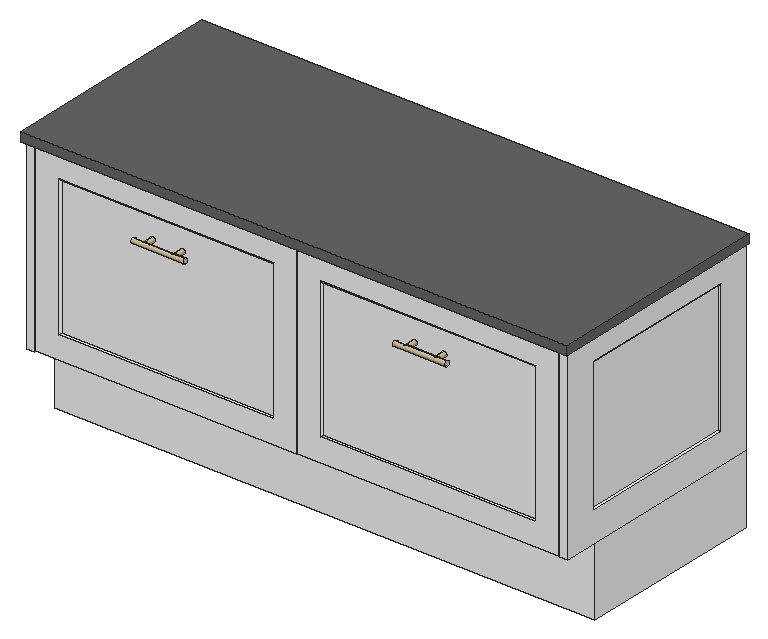
Revit family "Reece_Vanity_Kado_Lux", category Casework, Revit 2018 (continued)
Types in the file's own list only (76): name | Width | Reece_Vanity_Top_Width | Reece_Vanity_Top_Height | Reece_Vanity_Bowl_Count | Reece_Product_Web Page | Reece_Product_Number | Reece_Product_Mount | Reece_Product_Description | Reece_Panels_Count | Reece_Floor_Mount | Reece_Door_Switch | Reece_Detail_Bowl Type | Height | Finish | Reece_Detail_Taphole Configuration
  1500 mm x 500 mm x 850 mm_Door Only_Floor Mount_Single Bowl_3 Doors_Caesarstone | 1500 mm | 1500 mm | 850 mm | 1 | "https://www.reece.com.au/product/-2351522" | "2351522" | "Floor Mount" | "Kado Lux All Door 1500mm Centre Bowl Floor Mount Caesarstone" | 3 | Yes | Yes | "Single Bowl" | 850 mm | "Caesarstone" | "0, 1 or 3 Tapholes"
  1500 mm x 500 mm x 850 mm_Door Only_Floor Mount_Double Bowl_3 Doors_Cherry Pie | 1500 mm | 1500 mm | 850 mm | 2 | "https://www.reece.com.au/product/-2351523" | "2351523" | "Floor Mount" | "Kado Lux All Door 1500mm Double Bowl Floor Mount Cherry Pie" | 3 | Yes | Yes | "Double Bowl" | 850 mm | "Cherry Pie" | "0, 1 or 3 Tapholes"
  1500 mm x 500 mm x 850 mm_Door Only_Floor Mount_Double Bowl_3 Doors_Friday Quartz | 1500 mm | 1500 mm | 850 mm | 2 | "https://www.reece.com.au/product/-2351524" | "2351524" | "Floor Mount" | "Kado Lux All Door 1500mm Double Bowl Floor Mount Friday Quartz" | 3 | Yes | Yes | "Double Bowl" | 850 mm | "Friday Quartz" | "0, 1 or 3 Tapholes"
  1500 mm x 500 mm x 850 mm_Door Only_Floor Mount_Double Bowl_3 Doors_Caesarstone | 1500 mm | 1500 mm | 850 mm | 2 | "https://www.reece.com.au/product/-2351525" | "2351525" | "Floor Mount" | "Kado Lux All Door 1500mm Double Bowl Floor Mount Caesarstone" | 3 | Yes | Yes | "Double Bowl" | 850 mm | "Caesarstone" | "0, 1 or 3 Tapholes"
  1800 mm x 500 mm x 850 mm_Door Only_Floor Mount_Double Bowl_4 Doors_Cherry Pie | 1800 mm | 1800 mm | 850 mm | 2 | "https://www.reece.com.au/product/-2351526" | "2351526" | "Floor Mount" | "Kado Lux All Door 1800mm Double Bowl Floor Mount Cherry Pie" | 4 | Yes | Yes | "Double Bowl" | 850 mm | "Cherry Pie" | "0, 1 or 3 Tapholes"
  1800 mm x 500 mm x 850 mm_Door Only_Floor Mount_Double Bowl_4 Doors_Friday Quartz | 1800 mm | 1800 mm | 850 mm | 2 | "https://www.reece.com.au/product/-2351527" | "2351527" | "Floor Mount" | "Kado Lux All Door 1800mm Double Bowl Floor Mount Friday Quartz" | 4 | Yes | Yes | "Double Bowl" | 850 mm | "Friday Quartz" | "0, 1 or 3 Tapholes"
  1800 mm x 500 mm x 850 mm_Door Only_Floor Mount_Double Bowl_4 Doors_Caesarstone | 1800 mm | 1800 mm | 850 mm | 2 | "https://www.reece.com.au/product/-2351528" | "2351528" | "Floor Mount" | "Kado Lux All Door 1800mm Double Bowl Floor Mount Caesarstone" | 4 | Yes | Yes | "Double Bowl" | 850 mm | "Caesarstone" | "0, 1 or 3 Tapholes"
